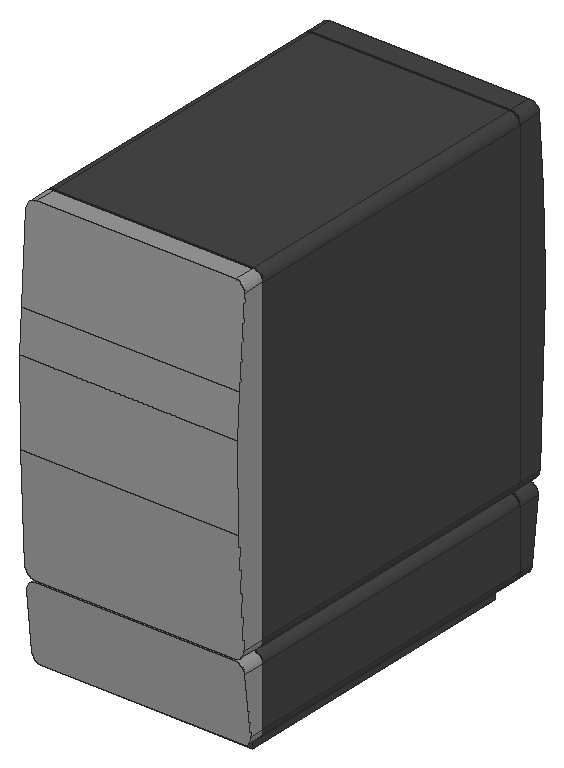
Revit family "Franke_Unterthekenkühleinheit_UT05_EC-A600_MS_EC_A600_FM_EC_A800_FM_EC", category Sonderausstattung, Revit 2015
Parameters (values of type "Unterthekenkühleinheit UT05 EC-A600 MS EC,A600 FM EC,A800 FM EC(230V/EU)")
  URL = "http://www.franke.com/main/de/cs/produkte/produktsuche/produktsuche.html#akCache=true&p=1&t=grid&f=cat14_3210"
  Tiefe = 475 mm
  Temperaturbereich = "+ 3° bis + 8°"
  Spannung = 230 V
  Stromaufnahme = "0.72 A"
  Sicherung = 10 A
  Netzfrequenz alternativ = 60 Hz
  Netzfrequenz = 50 Hz
  Modell = "410879 - Unterthekenkühleinheit UT05 EC - A600 MS EC, A600 FM EC, A800 FM EC"
  Milchvorrat = "5 l"
  Kosten = 0
  Höhe = 544 mm
  Hersteller = "Franke"
  Energieverlust nach DIN18873 = "0.638 kWh/24 h - 230 V"
  Breite = 270 mm
  Beschreibung = "Unterthekenkühleinheit UT05 dient zum Aufbewahren von vorgekühlter Milch"
  Assembly Code = "Beistellgerät Unterthekenkühleinheit UT05"
  Keynote = "Beistellgerät Unterthekenkühleinheit UT05"
  Aufstellgewicht = "18 kg"
  Anzahl von Polen = 1
  Anzahl der Schutzleiter = "1"
  Anzahl der Nullleiter = "1"
Reference planes
  plane 1 "Mitte (Vorne/Hinten)": y = 0
  plane 2: z = 0
  plane 3 "Mitte (Links/Rechts)": x = 0
Forms (mm)
  Extrusion 1, solid, material "Franke Black"
    sketch origin (0, 0, -42) x (1, 0, 0) y (0, 0, 1)
      loop
        line (123, 586) -> (-123, 586)
        arc (-123, 586) -> (-131.485, 582.485) -> (-135, 574) r 12
        line (-135, 574) -> (-135, 178)
        arc (-135, 178) -> (-131.485, 169.515) -> (-123, 166) r 12
        line (-123, 166) -> (123, 166)
        arc (123, 166) -> (131.485, 169.515) -> (135, 178) r 12
        line (135, 178) -> (135, 574)
        arc (135, 574) -> (131.485, 582.485) -> (123, 586) r 12
      loop
        arc (-135, 78) -> (-131.485, 69.515) -> (-123, 66) r 12
        line (-123, 66) -> (123, 66)
        arc (123, 66) -> (131.485, 69.515) -> (135, 78) r 12
        line (135, 78) -> (135, 151)
        arc (135, 151) -> (131.485, 159.485) -> (123, 163) r 12
        line (123, 163) -> (-123, 163)
        arc (-123, 163) -> (-131.485, 159.485) -> (-135, 151) r 12
        line (-135, 151) -> (-135, 78)
    from -198.03 to 198.03
  Extrusion 2, solid, material "Franke Black"
    sketch origin (0, 0, -42) x (1, 0, 0) y (0, 0, 1)
      loop
        line (-114, 66) -> (-114, 46) -> (114, 46) -> (114, 66) -> (-114, 66)
    from -186.97 to 188.03
  Extrusion 3, solid, material "Franke Anthrazit"
    sketch origin (0, 0, -42) x (0, 1, 0) y (0, 0, 1)
      loop
        line (-199.53, 586) -> (-226.03, 586)
        arc (-226.03, 586) -> (-230.318, 527.256) -> (-234.387, 468.497) r 15843.742
        arc (-234.387, 468.497) -> (-235.812, 442.176) -> (-236.543, 415.826) r 1000
        arc (-236.543, 415.826) -> (-236.783, 362.852) -> (-235.96, 309.883) r 2640.505
        arc (-235.96, 309.883) -> (-232.928, 237.872) -> (-227.52, 166) r 2182.336
        line (-227.52, 166) -> (-199.53, 166) -> (-199.53, 586)
      loop
        arc (-227.242, 163) -> (-222.173, 114.438) -> (-216.03, 66) r 2207.212
        line (-216.03, 66) -> (-199.53, 66) -> (-199.53, 163) -> (-227.242, 163)
    from -135 to 135
  Extrusion 4, solid, material "Franke Black"
    sketch origin (0, 0, -42) x (1, 0, 0) y (0, 0, 1)
      loop
        line (-120, 576) -> (-120, 66) -> (120, 66) -> (120, 576) -> (-120, 576)
    from 198.03 to 199.53
  Extrusion 5, solid, material "Franke Black"
    sketch origin (0, 397.56, -42) x (1, 0, 0) y (0, 0, 1)
      loop
        line (-120, 576) -> (-120, 66) -> (120, 66) -> (120, 576) -> (-120, 576)
    from 198.03 to 199.53
  Extrusion 6, solid, material "Franke Black"
    sketch origin (0, 0, -42) x (1, 0, 0) y (0, 1, 0)
      loop
        line (-107.5, 117.97) -> (-107.5, 96.52) -> (-90.75, 96.52) -> (-90.75, 117.97) -> (-107.5, 117.97)
      loop
        line (90.75, 117.97) -> (90.75, 96.52) -> (107.5, 96.52) -> (107.5, 117.97) -> (90.75, 117.97)
      loop
        line (90.75, -97.58) -> (90.75, -119.03) -> (107.5, -119.03) -> (107.5, -97.58) -> (90.75, -97.58)
      loop
        line (-107.5, -97.58) -> (-107.5, -119.03) -> (-90.75, -119.03) -> (-90.75, -97.58) -> (-107.5, -97.58)
    from 42 to 46
  Extrusion 7, solid, material "Franke Black"
    sketch origin (0, 0, -42) x (0, 1, 0) y (0, 0, 1)
      loop
        line (228.03, 586) -> (199.53, 586) -> (199.53, 166) -> (227.909, 166)
        arc (227.909, 166) -> (234.785, 268.409) -> (237.114, 371.022) r 2314.482
        arc (237.114, 371.022) -> (237.115, 384.228) -> (237.104, 397.434) r 15169.055
        arc (237.104, 397.434) -> (236.381, 442.975) -> (234.325, 488.477) r 1555
        arc (234.325, 488.477) -> (231.291, 537.246) -> (228.03, 586) r 10528.092
      loop
        line (199.53, 66) -> (216.03, 66)
        arc (216.03, 66) -> (222.776, 114.386) -> (227.62, 163) r 1246.054
        line (227.62, 163) -> (199.53, 163) -> (199.53, 66)
    from -135 to 135
  Extrusion 8, void
    sketch origin (0, 0, -42) x (1, 0, 0) y (0, 0, 1)
      loop
        line (-123, 586) -> (-123, 596) -> (-145, 596) -> (-145, 574) -> (-135, 574)
        arc (-135, 574) -> (-131.485, 582.485) -> (-123, 586) r 12
      loop
        arc (123, 586) -> (131.485, 582.485) -> (135, 574) r 12
        line (135, 574) -> (145, 574) -> (145, 596) -> (123, 596) -> (123, 586)
      loop
        arc (-123, 166) -> (-131.485, 169.515) -> (-135, 178) r 12
        line (-135, 178) -> (-145, 178) -> (-145, 151) -> (-135, 151)
        arc (-135, 151) -> (-131.485, 159.485) -> (-123, 163) r 12
        line (-123, 163) -> (-123, 166)
      loop
        line (123, 66) -> (123, 56) -> (145, 56) -> (145, 78) -> (135, 78)
        arc (135, 78) -> (131.485, 69.515) -> (123, 66) r 12
      loop
        arc (-123, 66) -> (-131.485, 69.515) -> (-135, 78) r 12
        line (-135, 78) -> (-145, 78) -> (-145, 56) -> (-123, 56) -> (-123, 66)
      loop
        line (123, 166) -> (123, 163)
        arc (123, 163) -> (131.485, 159.485) -> (135, 151) r 12
        line (135, 151) -> (145, 151) -> (145, 178) -> (135, 178)
        arc (135, 178) -> (131.485, 169.515) -> (123, 166) r 12
    from -299.15 to 303.805
  Extrusion 9, void
    sketch origin (0, 0, -42) x (1, 0, 0) y (0, 1, 0)
      loop
        circle (-92.468, -167.051) r 16
      loop
        circle (92.468, -167.051) r 16
      loop
        circle (-92.468, 165.957) r 16
      loop
        circle (92.468, 165.957) r 16
    from 24.233 to 51
  Extrusion 10, solid, material "Franke Stahl, verchromt"
    sketch origin (0, 0, 0) x (1, 0, 0) y (0, 1, 0)
      loop
        circle (0, 132.477) r 2.5
    from 0 to 4
Cuts and joins
  Extrusion 9 cuts Extrusion 2
  Extrusion 8 cuts Extrusion 3
  Extrusion 8 cuts Extrusion 7
Dimensions and locks
  aligned and locked: level to plane 2
Connectors
  electrical at (0, 132.477, 4), driven by "Anzahl von Polen", driven by "Spannung"
    settings: on Extrusion 10, index 1, voltage 230 V, apparent load 0 VA, apparent load phase1 0 VA, apparent load phase2 0 VA, apparent load phase3 0 VA, power factor 1, load classification "Strom", number of poles 1, system type 31, power factor state 1, is connector primary yes, connector utility no, sub classification motor no, connector description ""
